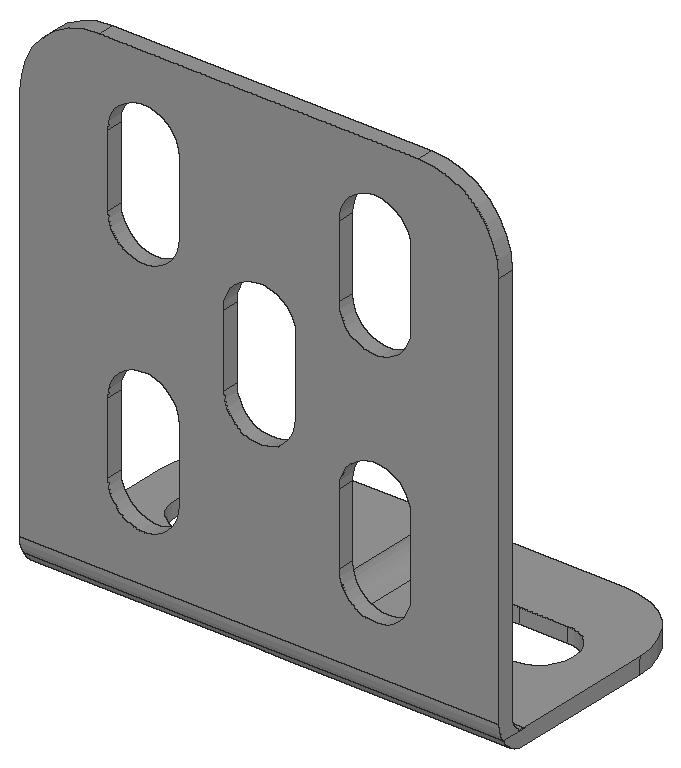
Revit family "Befestigungswinkel- BW 64 32 FS", category Generic Models, Revit 2017
Family settings
  Can host rebar = No
  Round Connector Dimension = Use Diameter
  Part Type = Normal
  Work Plane-Based = No
  Always vertical = Yes
  Cut with Voids When Loaded = No
  Shared = No
  Room Calculation Point = No
Parameters (values of type "BW 64 32 A2")
  URL = "http://www.obo-bettermann.com"
  Material = Edelstahl, rostfrei
  Manufacturer Art.No. = "6019686"
  Manufacturer = "OBO BETTERMANN"
  GTIN = "4012196701636"
  Article Type = "BW 64 32 A2"
Types (4, lengths in mm): name | Material | Manufacturer Art.No. | GTIN | Article Type
  (no name) | Edelstahl, rostfrei | "6019686" | "4012196701636" | "BW 64 32 A2"
  BW 64 32 FS | Strip galvanised | "6019680" | "4012196701612" | "BW 64 32 FS"
  BW 64 32 FT | Hot dip galvanised | "6019682" | "4012196701629" | "BW 64 32 FT"
  BW 64 32 A2 | Edelstahl, rostfrei | "6019686" | "4012196701636" | "BW 64 32 A2"
Reference planes
  plane 1 "Center (Front/Back)": y = 0
  plane 2: z = 0
  plane 3 "Center (Left/Right)": x = 0
  plane 4: x = -30
  plane 5: x = 30
  plane 6: z = 3
  plane 7: y = 32
  plane 8: y = 64
  plane 9: z = 64
  plane 10: x = -2.5
  plane 11: x = 2.5
  plane 12: z = 2.944
  plane 13: x = -2.5
  plane 14: x = 2.5
  plane 15: z = 2.989
  plane 16: x = -2.5
  plane 17: x = 2.5
  plane 18: y = 34.975
  plane 19: z = 9.944
  plane 20: x = -17.5
  plane 21: y = 50
  plane 22: x = -20.5
  plane 23: x = -14.5
  plane 24: x = 17.5
  plane 25: y = 50
  plane 26: x = 20.5
  plane 27: x = 14.5
  plane 28: x = -14.5
  plane 29: x = 14.5
  plane 30: z = 49
  plane 31: z = 53.5
  plane 32: z = 44.5
  plane 33: x = 14.5
  plane 34: x = -14.5
  plane 35: z = 49
  plane 36: z = 53.5
  plane 37: z = 44.5
  plane 38: z = 34
  plane 39: x = -14.5
  plane 40: x = 14.5
  plane 41: z = 19
  plane 42: z = 14.5
  plane 43: z = 23.5
  plane 44: x = 14.5
  plane 45: x = -14.5
  plane 46: z = 19
  plane 47: z = 14.5
  plane 48: z = 23.5
Forms (mm)
  Extrusion 1, solid, material "Edelstahl, rostfrei" <- "Material"
    sketch origin (0, 0, 0) x (1, 0, 0) y (0, 0, 1)
      loop
        line (-30, 1.944) -> (-30, 0) -> (-2.52, 0) -> (30, 0) -> (30, 1.944) -> (-2.52, 1.944) -> (-30, 1.944)
    from -64 to -32
  Extrusion 2, solid, material "Edelstahl, rostfrei" <- "Material"
    sketch origin (0, 0, 0) x (0, 1, 0) y (0, 0, 1)
      loop
        line (32, 1.944) -> (36, 1.944)
        arc (36, 1.944) -> (34.586, 2.53) -> (34, 3.944) r 2
        line (34, 3.944) -> (34, 64) -> (32, 64) -> (32, 1.944)
    from -30 to 30
  Extrusion 3, void
    sketch origin (0, 0, 0) x (0, 1, 0) y (0, 0, 1)
      loop
        line (32, 4) -> (32, 0) -> (36, 0)
        arc (36, 0) -> (33.172, 1.172) -> (32, 4) r 4
    from -30 to 30
  Extrusion 4, void
    sketch origin (0, 0, 0) x (1, 0, 0) y (0, 0, 1)
      loop
        line (-1.488, 0) -> (1.468, 0)
        arc (1.468, 0) -> (-0.01, 0.955) -> (-1.488, 0) r 1.621
    from -32 to -64
  Extrusion 5, solid, material "Edelstahl, rostfrei" <- "Material"
    sketch origin (0, 0, 0) x (1, 0, 0) y (0, 0, 1)
      loop
        line (-2.862, 1.944) -> (2.843, 1.944)
        arc (2.843, 1.944) -> (-0.01, 2.989) -> (-2.862, 1.944) r 4.417
    from -34 to -64
  Extrusion 6, solid, material "Edelstahl, rostfrei" <- "Material"
    sketch origin (0, 0, 0) x (1, 0, 0) y (0, 1, 0)
      loop
        line (-2.5, 34) -> (2.5, 34)
        arc (2.5, 34) -> (0, 35.015) -> (-2.5, 34) r 3.586
    from 9.944 to 1.944
  Extrusion 7, void
    sketch origin (0, 0, 0) x (1, 0, 0) y (0, 1, 0)
      loop
        arc (-20.5, 54.5) -> (-25, 50) -> (-20.5, 45.5) r 4.5
        line (-20.5, 45.5) -> (-14.5, 45.5)
        arc (-14.5, 45.5) -> (-10, 50) -> (-14.5, 54.5) r 4.5
        line (-14.5, 54.5) -> (-20.5, 54.5)
    from 1.944 to 0
  Extrusion 8, void
    sketch origin (0, 0, 0) x (-1, 0, 0) y (0, -1, 0)
      loop
        line (-20.5, -54.5) -> (-14.5, -54.5)
        arc (-14.5, -54.5) -> (-10, -50) -> (-14.5, -45.5) r 4.5
        line (-14.5, -45.5) -> (-20.5, -45.5)
        arc (-20.5, -45.5) -> (-25, -50) -> (-20.5, -54.5) r 4.5
    from 1.944 to 0
  Extrusion 9, void
    sketch origin (0, 0, 0) x (1, 0, 0) y (0, 0, 1)
      loop
        arc (-19, 44.5) -> (-14.5, 40) -> (-10, 44.5) r 4.5
        line (-10, 44.5) -> (-10, 53.5)
        arc (-10, 53.5) -> (-14.5, 58) -> (-19, 53.5) r 4.5
        line (-19, 53.5) -> (-19, 44.5)
    from -32 to -34
  Extrusion 10, void
    sketch origin (0, 0, 0) x (-1, 0, 0) y (0, 0, -1)
      loop
        line (-19, -44.5) -> (-19, -53.5)
        arc (-19, -53.5) -> (-14.5, -58) -> (-10, -53.5) r 4.5
        line (-10, -53.5) -> (-10, -44.5)
        arc (-10, -44.5) -> (-14.5, -40) -> (-19, -44.5) r 4.5
    from -32 to -34
  Extrusion 11, void
    sketch origin (0, 0, 68) x (1, 0, 0) y (0, 0, 1)
      loop
        line (-19, -44.5) -> (-19, -53.5)
        arc (-19, -53.5) -> (-14.5, -58) -> (-10, -53.5) r 4.5
        line (-10, -53.5) -> (-10, -44.5)
        arc (-10, -44.5) -> (-14.5, -40) -> (-19, -44.5) r 4.5
    from -32 to -34
  Extrusion 12, void
    sketch origin (0, 0, 68) x (-1, 0, 0) y (0, 0, -1)
      loop
        arc (-19, 44.5) -> (-14.5, 40) -> (-10, 44.5) r 4.5
        line (-10, 44.5) -> (-10, 53.5)
        arc (-10, 53.5) -> (-14.5, 58) -> (-19, 53.5) r 4.5
        line (-19, 53.5) -> (-19, 44.5)
    from -32 to -34
  Extrusion 13, void
    sketch origin (0, 0, 0) x (1, 0, 0) y (0, 0, 1)
      loop
        arc (-4.5, 29.388) -> (0, 24.888) -> (4.5, 29.388) r 4.5
        line (4.5, 29.388) -> (4.5, 39.748)
        arc (4.5, 39.748) -> (-0.563, 42.995) -> (-4.5, 38.448) r 4.594
        line (-4.5, 38.448) -> (-4.5, 29.388)
    from -32 to -34
  Extrusion 14, void
    sketch origin (0, 0, 0) x (1, 0, 0) y (0, 0, 1)
      loop
        arc (-30, 54) -> (-27.071, 61.071) -> (-20, 64) r 10
        line (-20, 64) -> (-30, 64) -> (-30, 54)
    from -32 to -34
  Extrusion 15, void
    sketch origin (0, 0, 0) x (-1, 0, 0) y (0, 0, -1)
      loop
        line (-30, -54) -> (-30, -64) -> (-20, -64)
        arc (-20, -64) -> (-27.071, -61.071) -> (-30, -54) r 10
    from -32 to -34
  Extrusion 16, void
    sketch origin (0, 0, 0) x (1, 0, 0) y (0, 1, 0)
      loop
        arc (-30, 54) -> (-27.071, 61.071) -> (-20, 64) r 10
        line (-20, 64) -> (-30, 64) -> (-30, 54)
    from 1.944 to 0
  Extrusion 17, void
    sketch origin (0, 0, 0) x (-1, 0, 0) y (0, -1, 0)
      loop
        line (-30, -54) -> (-30, -64) -> (-20, -64)
        arc (-20, -64) -> (-27.071, -61.071) -> (-30, -54) r 10
    from 1.944 to 0
Cuts and joins
  Extrusion 3, Extrusion 4, Extrusion 7, Extrusion 8, Extrusion 16, Extrusion 17 cuts Extrusion 1
  Extrusion 3, Extrusion 9, Extrusion 10, Extrusion 11, Extrusion 12, Extrusion 13, Extrusion 14, Extrusion 15 cuts Extrusion 2
Dimensions and locks
  locked: plane 1 "Center (Front/Back)" to plane 7 at 32
  locked: plane 7 to plane 8 at 32
  locked: Extrusion 1 to plane 9 at 64
  locked: Extrusion 2 sketch curve to Extrusion 2 sketch curve at 2
  locked: Extrusion 1 to Extrusion 2 sketch curve at 62.056
  locked: Extrusion 5 sketch curve to cut or joined group 1 (Extrusion 2, Extrusion 3, Extrusion 9, Extrusion 10, Extrusion 11, Extrusion 12, Extrusion 13, Extrusion 14, Extrusion 15) at 1.045
  locked: cut or joined group of Extrusion 1, Extrusion 3, Extrusion 4, Extrusion 7, Extrusion 8, Extrusion 16, Extrusion 17 to plane 19 at 8
  locked: plane 20 to plane 3 "Center (Left/Right)" at 17.5
  locked: cut or joined group of Extrusion 1, Extrusion 3, Extrusion 4, Extrusion 7, Extrusion 8, Extrusion 16, Extrusion 17 to plane 21 at 14
  locked: Extrusion 7 sketch curve to Extrusion 7 sketch curve at 9
  locked: plane 21 to Extrusion 7 sketch curve at 4.5
  locked: Extrusion 8 sketch curve to Extrusion 8 sketch curve at 9
  locked: plane 25 to Extrusion 8 sketch curve at 4.5
  locked: cut or joined group 1 to plane 30 at 15
  locked: Extrusion 9 sketch curve to Extrusion 9 sketch curve at 9
  locked: plane 28 to Extrusion 9 sketch curve at 4.5
  locked: Extrusion 10 sketch curve to Extrusion 10 sketch curve at 9
  locked: plane 33 to Extrusion 10 sketch curve at 4.5
  locked: cut or joined group 1 to plane 38 at 30
  locked: Extrusion 11 sketch curve to Extrusion 11 sketch curve at 9
  locked: plane 39 to Extrusion 11 sketch curve at 4.5
  locked: Extrusion 12 sketch curve to Extrusion 12 sketch curve at 9
  locked: plane 44 to Extrusion 12 sketch curve at 4.5
  locked: Extrusion 13 sketch curve to Extrusion 13 sketch curve at 9
  locked: plane 3 "Center (Left/Right)" to Extrusion 13 sketch curve at 4.5
  aligned and locked: level to plane 2
  aligned and locked: plane 7 to Extrusion 1
  aligned and locked: plane 8 to Extrusion 1
  aligned and locked: level to Extrusion 1 sketch curve
  aligned and locked: Extrusion 2 to Extrusion 1  (x3)
  aligned and locked: Extrusion 1 to Extrusion 2
  aligned and locked: Extrusion 3 to Extrusion 1  (x2)
  aligned and locked: Extrusion 4 sketch curve to plane 2
  aligned and locked: Extrusion 1 to Extrusion 4  (x2)
  aligned and locked: cut or joined group 1 to Extrusion 5 sketch curve
  aligned and locked: cut or joined group of Extrusion 1, Extrusion 3, Extrusion 4, Extrusion 7, Extrusion 8, Extrusion 16, Extrusion 17 to Extrusion 5
  aligned and locked: plane 19 to Extrusion 6
  aligned and locked: Extrusion 1 to Extrusion 7  (x2)
  aligned and locked: Extrusion 2 to Extrusion 9  (x2)
  aligned and locked: Extrusion 2 to Extrusion 13  (x2)
  aligned and locked: Extrusion 2 to Extrusion 14  (x2)
  aligned and locked: Extrusion 1 to Extrusion 16
  aligned and locked: Extrusion 16 to Extrusion 1
Automatic sketch dimensions
  Extrusion 1 sketch curve to plane 4 = 0 mm
  Extrusion 1 sketch curve to plane 5 = 0 mm
  Extrusion 1 sketch curve to plane 3 "Center (Left/Right)" = 2.52 mm
  Extrusion 1 sketch curve to Extrusion 1 sketch curve = 0 mm
  Extrusion 1 sketch curve to plane 6 = 1.056 mm
  Extrusion 2 sketch curve to plane 7 = 0 mm
  Extrusion 2 sketch curve to Extrusion 2 sketch curve = 2 mm
  level to Extrusion 2 sketch curve = 3.944 mm
  Extrusion 2 sketch curve to Extrusion 2 sketch curve = 0 mm
  Extrusion 3 sketch curve to level = 0 mm
  Extrusion 3 sketch curve to plane 7 = 0 mm
  plane 7 to Extrusion 3 sketch curve = 4 mm
  plane 10 to Extrusion 4 sketch curve = 1.012 mm
  Extrusion 4 sketch curve to plane 3 "Center (Left/Right)" = 0.01 mm
  Extrusion 4 sketch curve to level = 0.666 mm
  Extrusion 5 sketch curve to plane 13 = 0.362 mm
  Extrusion 5 sketch curve to plane 3 "Center (Left/Right)" = 0.01 mm
  Extrusion 6 sketch curve to plane 16 = 0 mm
  Extrusion 6 sketch curve to plane 3 "Center (Left/Right)" = 0 mm
  Extrusion 6 sketch curve to plane 7 = 0.571 mm
  Extrusion 6 sketch curve to plane 18 = 0.975 mm
  Extrusion 7 sketch curve to plane 22 = 0 mm
  Extrusion 7 sketch curve to plane 23 = 0 mm
  Extrusion 8 sketch curve to plane 26 = 0 mm
  Extrusion 8 sketch curve to plane 27 = 0 mm
  Extrusion 9 sketch curve to plane 32 = 0 mm
  Extrusion 9 sketch curve to plane 31 = 0 mm
  Extrusion 10 sketch curve to plane 37 = 0 mm
  Extrusion 10 sketch curve to plane 36 = 0 mm
  Extrusion 11 sketch curve to plane 43 = 0 mm
  Extrusion 11 sketch curve to plane 42 = 0 mm
  Extrusion 12 sketch curve to plane 48 = 0 mm
  Extrusion 12 sketch curve to plane 47 = 0 mm
  plane 3 "Center (Left/Right)" to Extrusion 13 sketch curve = 0.094 mm
  Extrusion 13 sketch curve to plane 38 = 4.612 mm
  plane 38 to Extrusion 13 sketch curve = 4.448 mm
  Extrusion 14 sketch curve to plane 3 "Center (Left/Right)" = 30 mm
  Extrusion 14 sketch curve to Extrusion 14 sketch curve = 10 mm
  plane 38 to Extrusion 14 sketch curve = 20 mm
  Extrusion 15 sketch curve to plane 3 "Center (Left/Right)" = 30 mm
  Extrusion 15 sketch curve to Extrusion 15 sketch curve = 10 mm
  Extrusion 15 sketch curve to plane 38 = 20 mm
  Extrusion 16 sketch curve to plane 8 = 0 mm
  Extrusion 16 sketch curve to plane 3 "Center (Left/Right)" = 30 mm
  Extrusion 16 sketch curve to Extrusion 16 sketch curve = 10 mm
  Extrusion 17 sketch curve to plane 8 = 0 mm
  Extrusion 17 sketch curve to plane 3 "Center (Left/Right)" = 30 mm
  Extrusion 17 sketch curve to Extrusion 17 sketch curve = 10 mm
